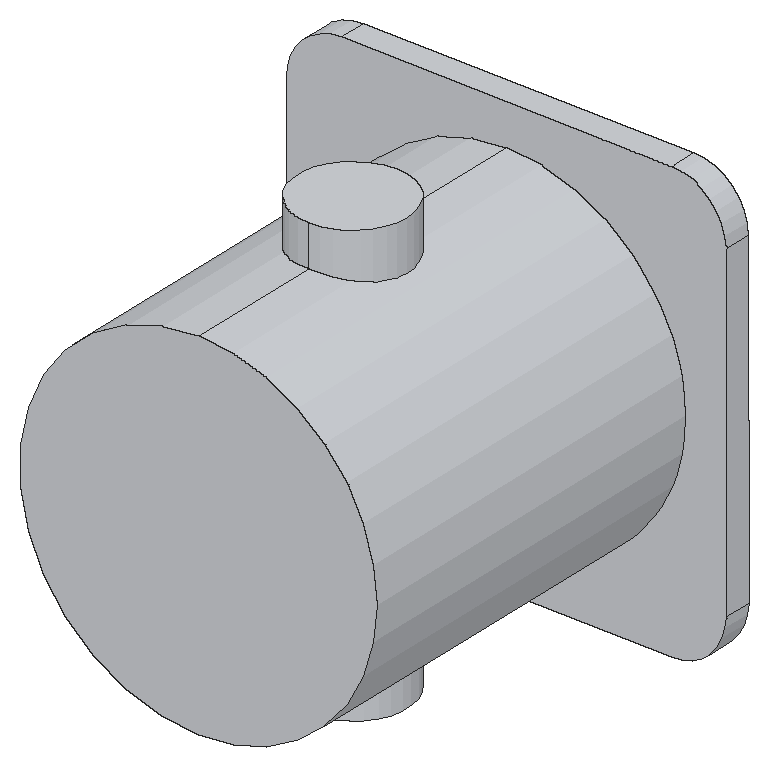
Revit family "DG_Anschluss_V1700", category Datengeräte, Revit 2017
Family settings
  Beschriftungsausrichtung beibehalten = Ja
  Bemaßung runder Anschluss = Durchmesser verwenden
  Teiletyp = Normal
  OmniClass-Nummer = 23.85.50.17
  OmniClass-Titel = Communication and Data Processing Equipment
  Arbeitsebenenbasiert = Nein
  Immer vertikal = Ja
  Beim Laden mit Abzugskörper schneiden = Ja
  Gemeinsam genutzt = Nein
  Raumberechnungspunkt = Nein
Parameters (values of type "Mikrofon_SR")
  pbr_Material_KZ = ""
  pbr_Material = none
  pbr_E_Typ = ""
  pbr_E_KZ = ""
  pbr_DINBild = 0
  pbr_Bild = 0
  pbr_3Dx_Delta_Korrekturversatz [instance] = 0 mm
  pbr_3DX_Versatzfaktor [instance] = 0
  pbr_2DY_Versatzfaktor [instance] = 0
  pbr_2DX_Versatzfaktor [instance] = 0
  lfd_STRK [instance] = 0
  cpiFitMatchKey [instance] = "KK  SAT"
  Winkel [instance] = 90.00°
  Typ [instance] = ""
  Text3 [instance] = ""
  Text2 [instance] = ""
  Text1 [instance] = ""
  Port2 [instance] = ""
  Port1 [instance] = ""
  Planungsbüro Rohling = ""
  Patchfeld [instance] = ""
  Netzart = ""
  Menge(Dosenzahl) [instance] = 0
  Linie/Anschluss [instance] = ""
  Linie [instance] = ""
  Installationsart = ""
  Info [instance] = ""
  Gewerk [instance] = "SR"
  Bus [instance] = ""
  Breite [instance] = 80 mm
  Betriebsstrom ruhe [instance] = 0
  Betriebsstrom max [instance] = 0
  Eckversatz [instance] = 0 mm
  YFrontversatz [instance] = if(pbr_2DY_Versatzfaktor = 300, 0 mm, pbr_2DY_Versatzfaktor * 300 mm)  # 0 mm
  XSeitenversatz [instance] = if(pbr_2DX_Versatzfaktor = 0, 3000 mm, 3000 mm + (pbr_2DX_Versatzfaktor * 300 mm)) + Eckversatz  # 3000 mm
  X3Dversatz [instance] = if([3DX_Versatzkontrolle] = 0, 2000 mm, 2000 mm + ([3DX_Versatzkontrolle] * (300 mm - Breite))) + pbr_3Dx_Delta_Korrekturversatz  # 2000 mm
  Steckdosenradius = 20 mm
  Spannung = 230 V
  R_Leerrohranschluss = 10 mm
  Niveau [instance] = 300 mm
  Lastklassifizierung = Anschlussbuchse
  Dosentiefe = 70 mm  # constant formula
  Dosenradius = 65 mm / 2  # 32.5 mm
  D_Leerrohranschluss = 2 * R_Leerrohranschluss  # 20 mm
  Beameranschluss (VMT) = no
  Anschluss Mikrophon = yes
  Anschluss Lautsprecher (VMT) = no
  Anschluss Lautsprecher = no
  Anschluss Beamer = no
  3DX_Versatzkontrolle [instance] = if(pbr_3DX_Versatzfaktor = 0, (pbr_2DX_Versatzfaktor * -1), (((-1 * pbr_3DX_Versatzfaktor) + pbr_2DX_Versatzfaktor) * -1))  # 0
  Platzierrahmen [instance] = no
Types (7, lengths in mm): name | Gewerk | Beameranschluss (VMT) | Anschluss Mikrophon | Anschluss Lautsprecher (VMT) | Anschluss Lautsprecher | Anschluss Beamer
  Beamer_EDV | "EDV" | no | no | no | no | yes
  Lautsprecher_ELA | "ELA" | no | no | no | yes | no
  Mikrofon_HR | "HR" | no | yes | no | no | no
  Lautsprecher_SPA | "SPA" | no | no | no | yes | no
  Lautsprecher_VMT | "VMT" | no | no | yes | no | no
  Mikrofon_SR | "SR" | no | yes | no | no | no
  Beamer_VMT | "VMT" | yes | no | no | no | no
Reference planes
  plane 1 "Mitte (Vorne/Hinten)": y = 0
  plane 2: z = 0
  plane 3 "Mitte (Links/Rechts)": x = 0
  plane 4: x = -125
  plane 5: x = 125
  plane 6: y = 300
  plane 7 "Schalterhinten": y = 0
  plane 8: x = -3000
  plane 9: x = 0
  plane 10: x = -2000
  plane 11: x = -40
  plane 12: x = 40
  plane 13: z = 340
  plane 14: z = 260
  plane 15 "SchalterVorne": y = 5
  plane 16 "3DSchalterMitte": x = 0
  plane 17 "Achse": z = 300
  plane 18: y = -70
  plane 19: y = -35
  plane 20: z = 320
  plane 21: z = 280
  plane 22 "EDV01": x = -20
  plane 23 "EDV2": x = 20
  plane 24: y = 225
Forms (mm)
  Extrusion 1, solid
    sketch origin (0, 20, 0) x (0, 0, 1) y (-1, 0, 0)
      loop
        line (260, 30) -> (260, -30)
        arc (260, -30) -> (262.929, -37.071) -> (270, -40) r 10
        line (270, -40) -> (330, -40)
        arc (330, -40) -> (337.071, -37.071) -> (340, -30) r 10
        line (340, -30) -> (340, 30)
        arc (340, 30) -> (337.071, 37.071) -> (330, 40) r 10
        line (330, 40) -> (270, 40)
        arc (270, 40) -> (262.929, 37.071) -> (260, 30) r 10
    from 15 to 20
  Sweep 2, solid
    path origin (0, 0, 0) x (0, 0, 1) y (0, -1, 0)
      loop
        line (300, 0) -> (300, 70)
    profile origin (0, -35, 300) x (0, 0, -1) y (1, 0, 0)
      loop
        circle (0, 0) r 32.5
  Sweep 3, solid
    path origin (0, 0, 0) x (0, 0, 1) y (0, -1, 0)
      loop
        line (260, 35) -> (340, 35)
    profile origin (0, -35, 300) x (0, -1, 0) y (1, 0, 0)
      loop
        circle (0, 0) r 10
  Sweep 4, void
    path origin (20, 0, 0) x (0, 0, 1) y (0, -1, 0)
      loop
        line (300, -5) -> (300, 0)
    profile origin (20, 2.5, 300) x (0, 0, -1) y (1, 0, 0)
      loop
        line (10, -10) -> (-10, -10) -> (-10, -30) -> (10, -30) -> (10, -10)
Cuts and joins
  Sweep 4 cuts Extrusion 1
  joined: Extrusion 1, Sweep 2, Sweep 3
Lines and regions (mm)
  model lines, visible <- "Platzierrahmen"
    curve 1: line (-125, 0, 0) -> (125, 0, 0)
    curve 2: line (-125, 300, 0) -> (-125, 0, 0)
    curve 3: line (125, 300, 0) -> (-125, 300, 0)
    curve 4: line (125, 0, 0) -> (125, 300, 0)
Dimensions and locks
  plane 4 to plane 5 = 250 mm
  plane 6 to plane 7 "Schalterhinten" = 300 mm
  equal spacing: plane 4, plane 9, plane 5, locked at 125 each
  "XSeitenversatz": plane 8 to plane 9
  plane 8 to plane 3 "Mitte (Links/Rechts)" = 3000 mm
  "YFrontversatz": plane 1 "Mitte (Vorne/Hinten)" to plane 7 "Schalterhinten"
  plane 12 to plane 11 = 80 mm
  plane 13 to plane 14 = 80 mm
  plane 9 to plane 10 = 2000 mm
  equal spacing: plane 12, plane 16 "3DSchalterMitte", plane 11
  "X3Dversatz": plane 16 "3DSchalterMitte" to plane 10
  equal spacing: plane 13, plane 17 "Achse", plane 14
  "Niveau": plane 17 "Achse" to level
  "Dosentiefe": plane 1 "Mitte (Vorne/Hinten)" to plane 18
  plane 15 "SchalterVorne" to plane 1 "Mitte (Vorne/Hinten)" = 5 mm
  equal spacing: plane 18, plane 19, plane 1 "Mitte (Vorne/Hinten)"
  plane 13 to plane 20 = 20 mm
  plane 21 to plane 14 = 20 mm
  plane 22 "EDV01" to plane 11 = 20 mm
  plane 12 to plane 23 "EDV2" = 20 mm
  plane 24 to plane 7 "Schalterhinten" = 225 mm
  "Breite": cut or joined group of Extrusion 1, Sweep 2, Sweep 3, Sweep 4 to cut or joined group of Extrusion 1, Sweep 2, Sweep 3, Sweep 4
  "Dosenradius": radius of Sweep 2 sketch curve
  "R_Leerrohranschluss": radius of Sweep 3 sketch curve
  aligned and locked: level to plane 2
  aligned and locked: curve 1 to plane 7 "Schalterhinten"
  aligned and locked: curve 2 to plane 4
  aligned and locked: plane 6 to curve 3
  aligned and locked: plane 5 to curve 4
  aligned and locked: plane 14 to Extrusion 1 sketch curve
  aligned and locked: plane 11 to Extrusion 1 sketch curve
  aligned and locked: Extrusion 1 sketch curve to plane 13
  aligned and locked: Extrusion 1 sketch curve to plane 12
  aligned and locked: plane 1 "Mitte (Vorne/Hinten)" to Extrusion 1
  aligned and locked: Extrusion 1 to plane 15 "SchalterVorne"
  aligned and locked: nested 1 to plane 7 "Schalterhinten"
  aligned and locked: nested 1 to plane 9
  aligned and locked: nested 4 to plane 9
  aligned and locked: nested 4 to plane 7 "Schalterhinten"
  aligned and locked: nested 5 to plane 9
  aligned and locked: nested 5 to plane 7 "Schalterhinten"
  aligned and locked: plane 3 "Mitte (Links/Rechts)" to nested 3
  aligned and locked: plane 1 "Mitte (Vorne/Hinten)" to nested 3
Automatic sketch dimensions
  Sweep 3 sketch curve to plane 14 = 0 mm
  plane 13 to Sweep 3 sketch curve = 0 mm
  Sweep 3 sketch curve to plane 19 = 0 mm
  Sweep 3 sketch curve to plane 16 "3DSchalterMitte" = 0 mm
  Sweep 3 sketch curve to profile plane = 0 mm
  plane 14 to Extrusion 1 sketch curve = 10 mm
  Extrusion 1 sketch curve to Extrusion 1 sketch curve = 10 mm  (x2)
  plane 13 to Extrusion 1 sketch curve = 10 mm
  Sweep 2 sketch curve to plane 17 "Achse" = 0 mm
  Sweep 2 sketch curve to plane 1 "Mitte (Vorne/Hinten)" = 0 mm
  Sweep 2 sketch curve to plane 18 = 0 mm
  plane 16 "3DSchalterMitte" to Sweep 2 sketch curve = 0 mm
  Sweep 2 sketch curve to profile plane = 0 mm
  Sweep 4 sketch curve to plane 1 "Mitte (Vorne/Hinten)" = 0 mm
  Sweep 4 sketch curve to plane 17 "Achse" = 0 mm
  Sweep 4 sketch curve to plane 15 "SchalterVorne" = 0 mm
  profile plane to Sweep 4 sketch curve = 10 mm
  Sweep 4 sketch curve to profile plane = 10 mm
  Sweep 4 sketch curve to plane 23 "EDV2" = 30 mm
  Sweep 4 sketch curve to plane 23 "EDV2" = 10 mm
Nested families
  nested 1: "Anschluss Beamer" at (0, 0, 0), visible <- "Anschluss Beamer", Winkel <- "Winkel", type "Anschluss Beamer"
  nested 2: "Anschluss Lautsprecher" at (0, 0, 0), visible <- "Anschluss Lautsprecher", type "Anschluss Lautsprecher"
  nested 3: "Anschluss Mikrophon" at (0, 0, 0), visible <- "Anschluss Mikrophon", type "Anschluss Mikrophon"
  nested 4: "Beameranschluss (VMT)" at (0, 0, 0), visible <- "Beameranschluss (VMT)", Winkel <- "Winkel", type "Beameranschluss (VMT)"
  nested 5: "Anschluss Lautsprecher (VMT)" at (0, 0, 0), visible <- "Anschluss Lautsprecher (VMT)", type "Anschluss Lautsprecher (VMT)"
Connectors
  electrical at (0, -35, 340), driven by "Spannung"
    settings: on cut or joined group of Extrusion 1, Sweep 2, Sweep 3, Sweep 4, index 1, voltage 230 V, apparent load 0 VA, apparent load phase1 0 VA, apparent load phase2 0 VA, apparent load phase3 0 VA, power factor 1, load classification "Elektro", number of poles 1, system type 5, power factor state 1, is connector primary yes, connector utility no, sub classification motor no, connector description ""
  cabletrayconduit at (0, -35, 340), diameter 20, driven by "D_Leerrohranschluss"
    settings: on cut or joined group of Extrusion 1, Sweep 2, Sweep 3, Sweep 4, index 2, connector width 300 mm, connector height 300 mm, connector angle 0.00°, system type 32, placement type 0, profile type 0, connector reference index -1, is primary connector yes, connector utility param no, connector description ""
  cabletrayconduit at (0, -35, 260), diameter 20, driven by "D_Leerrohranschluss"
    settings: on cut or joined group of Extrusion 1, Sweep 2, Sweep 3, Sweep 4, index 3, connector width 300 mm, connector height 300 mm, connector angle 0.00°, system type 32, placement type 0, profile type 0, connector reference index -1, is primary connector no, connector utility param no, connector description ""
Definition of nested family "Anschluss Beamer"
  Parameters (values of type "Anschluss Beamer")
    Winkel [instance] = 90.00°
    V = yes
    G = yes
    A = yes
  Reference planes
    plane 1 "Mitte (Vorne/Hinten)": y = 0
    plane 2: z = 0
    plane 3 "Mitte (Links/Rechts)": x = 0
  Lines and regions (mm)
    Filled region 1, type "Beton", in view "Referenzebene", visible <- "A"
      outline origin (2177.438, -912.226, 0) x (1, 0, 0) y (0, 1, 0)
        loop
          line (-2102.291, 942.626) -> (-2077.464, 942.626) -> (-2057.901, 996.376) -> (-1983.637, 996.376) -> (-1962.821, 942.626) -> (-1936.216, 942.626) -> (-2008.949, 1120.011) -> (-2033.949, 1120.011) -> (-2102.291, 942.626)
        loop
          line (-2051.01, 1015.307) -> (-1990.968, 1015.307) -> (-2022.201, 1101.118) -> (-2051.01, 1015.307)
    Filled region 2, type "Beton", in view "Referenzebene", visible <- "V"
      outline origin (-1579.613, -912.226, 0) x (1, 0, 0) y (0, 1, 0)
        loop
          line (1430.799, 942.626) -> (1500.404, 1120.011) -> (1476.547, 1120.011) -> (1419.022, 961.964) -> (1363.416, 1120.011) -> (1338.053, 1120.011) -> (1406.767, 942.626) -> (1430.799, 942.626)
    Filled region 3, type "Beton", in view "Referenzebene", visible <- "G"
      outline origin (1007.414, -909.073, 0) x (1, 0, 0) y (0, 1, 0)
        loop
          spline (-955.424, 978.799) -> (-983.768, 964.386) -> (-1011.587, 960.95) -> (-1039.493, 968.227) -> (-1059.93, 985.572) -> (-1070.436, 1011.874) -> (-1071.916, 1039.341) -> (-1065.68, 1066.833) -> (-1049.749, 1089.513) -> (-1024.185, 1101.537) -> (-996.623, 1102.185) -> (-970.822, 1091.227) -> (-956.079, 1064.679)
          line (-956.079, 1064.679) -> (-934.89, 1070.48)
          spline (-934.89, 1070.48) -> (-955.29, 1106.617) -> (-990.907, 1121.831) -> (-1029.23, 1121.084) -> (-1063.548, 1106.282) -> (-1087.048, 1075.578) -> (-1096.062, 1039.021) -> (-1091.808, 999.173) -> (-1074.305, 966.833) -> (-1040.24, 945.218) -> (-1004.002, 939.667) -> (-966.67, 947.108) -> (-932.414, 967.321)
          line (-932.414, 967.321) -> (-932.414, 1033.057) -> (-1007.414, 1033.057) -> (-1007.414, 1012.153) -> (-955.424, 1012.153) -> (-955.424, 978.799)
    detail lines, in view "Referenzebene"
      curve 1: line (-245.969, 230.4, 0) -> (244.431, 230.4, 0)
      curve 2: line (244.431, 230.4, 0) -> (244.431, 0, 0)
      curve 3: line (244.431, 0, 0) -> (-245.969, 0, 0)
      curve 4: line (-245.969, 0, 0) -> (-245.969, 230.4, 0)
Definition of nested family "Anschluss Lautsprecher"
  Parameters (values of type "Anschluss Lautsprecher")
    L = yes
  Reference planes
    plane 1 "Mitte (Vorne/Hinten)": y = 0
    plane 2: z = 0
    plane 3 "Mitte (Links/Rechts)": x = 0
  Lines and regions (mm)
    Filled region 1, type "Beton", in view "Referenzebene", visible <- "L"
      outline origin (329.533, -1019.332, 0) x (1, 0, 0) y (0, 1, 0)
        loop
          line (-348.774, 1120.011) -> (-372.184, 1120.011) -> (-372.184, 942.626) -> (-261.45, 942.626) -> (-261.45, 963.596) -> (-348.774, 963.596) -> (-348.774, 1120.011)
    detail lines, in view "Referenzebene"
      curve 1: line (108, 15.217, 0) -> (108, 133.294, 0)
      curve 2: line (108, 133.294, 0) -> (-108, 133.294, 0)
      curve 3: line (-108, 133.294, 0) -> (-108, 15.217, 0)
      curve 4: line (0, 133.294, 0) -> (0, 314.038, 0)
Definition of nested family "Anschluss Mikrophon"
  Parameters (values of type "Anschluss Mikrophon")
    M = yes
  Reference planes
    plane 1 "Mitte (Vorne/Hinten)": y = 0
    plane 2: z = 0
    plane 3 "Mitte (Links/Rechts)": x = 0
  Lines and regions (mm)
    Filled region 1, type "Beton", in view "Referenzebene", visible <- "M"
      outline origin (149.765, -1004.332, 0) x (1, 0, 0) y (0, 1, 0)
        loop
          line (-213.693, 942.626) -> (-213.693, 1096.081) -> (-162.227, 942.626) -> (-140.741, 942.626) -> (-89.682, 1090.913) -> (-89.682, 942.626) -> (-66.978, 942.626) -> (-66.978, 1120.011) -> (-98.249, 1120.011) -> (-150.482, 968.315) -> (-201.357, 1120.011) -> (-236.357, 1120.011) -> (-236.357, 942.626) -> (-213.693, 942.626)
    detail lines, in view "Referenzebene"
      curve 1: line (108, 15.217, 0) -> (108, 133.294, 0)
      curve 2: line (108, 133.294, 0) -> (-108, 133.294, 0)
      curve 3: line (-108, 133.294, 0) -> (-108, 15.217, 0)
      curve 4: line (0, 133.294, 0) -> (0, 314.038, 0)
Definition of nested family "Beameranschluss (VMT)"
  Parameters (values of type "Beameranschluss (VMT)")
    Winkel [instance] = 90.00°
  Reference planes
    plane 1 "Mitte (Vorne/Hinten)": y = 0
    plane 2: z = 0
    plane 3 "Mitte (Links/Rechts)": x = 0
  Lines and regions (mm)
    Filled region 1, type "Flächenfüllung Schwarz", in view "Referenzebene"
      outline origin (0, 0, 0) x (1, 0, 0) y (0, 1, 0)
        loop
          line (-36.502, 197.436) -> (-36.502, 143.876) -> (10.779, 143.876)
          spline (10.779, 143.876) -> (25.4, 146.284) -> (32.149, 149.474) -> (37.719, 154.72) -> (41.275, 162.128) -> (42.35, 170.257) -> (41.508, 177.916) -> (38.389, 185.452) -> (33.664, 190.909) -> (26.632, 194.844) -> (19.572, 196.4) -> (11.016, 197.195) -> (-5.189, 197.436)
          line (-5.189, 197.436) -> (-36.502, 197.436)
        loop
          line (-36.451, 122.973) -> (-36.451, 61.976) -> (5.05, 61.976)
          spline (5.05, 61.976) -> (23.825, 62.767) -> (33.38, 65.645) -> (40.778, 70.265) -> (46.139, 77.347) -> (49.328, 86.595) -> (49.584, 95.827) -> (47.3, 104.915) -> (42.17, 112.726) -> (35.219, 118.02) -> (25.52, 121.308) -> (16.754, 122.504) -> (5.05, 122.973)
          line (5.05, 122.973) -> (-36.451, 122.973)
        loop
          line (-59.95, 218.378) -> (-59.95, 40.993) -> (5.05, 40.993)
          spline (5.05, 40.993) -> (25.065, 41.971) -> (35.489, 43.803) -> (46.211, 47.31) -> (57.307, 54.011) -> (64.889, 62.448) -> (69.973, 71.993) -> (73.277, 83.238) -> (73.821, 96.725) -> (71.891, 106.739) -> (66.585, 117.657) -> (59.192, 125.844) -> (45.587, 133.612)
          line (45.587, 133.612) -> (40.611, 135.423)
          spline (40.611, 135.423) -> (55.58, 146.624) -> (60.464, 153.71) -> (64.021, 162.492) -> (65.398, 172.108) -> (64.676, 181.049) -> (61.318, 191.003) -> (56.775, 199.125) -> (51.011, 205.588) -> (43.184, 211.102) -> (34.101, 215.009) -> (23.973, 217.252) -> (5.05, 218.378)
          line (5.05, 218.378) -> (-59.95, 218.378)
    detail lines, in view "Referenzebene"
      curve 1: line (-134.11, 269.507, 0) -> (136.035, 269.507, 0)
      curve 2: line (136.035, 269.507, 0) -> (136.035, 0, 0)
      curve 3: line (136.035, 0, 0) -> (-134.11, 0, 0)
      curve 4: line (-134.11, 0, 0) -> (-134.11, 269.507, 0)
Definition of nested family "Anschluss Lautsprecher (VMT)"
  Parameters (values of type "Anschluss Lautsprecher (VMT)")
    L = yes
  Reference planes
    plane 1 "Mitte (Vorne/Hinten)": y = 0
    plane 2: z = 0
    plane 3 "Mitte (Links/Rechts)": x = 0
  Lines and regions (mm)
    Filled region 1, type "Beton", in view "Referenzebene", visible <- "L"
      outline origin (-329.533, 1333.371, 0) x (-1, 0, 0) y (0, -1, 0)
        loop
          line (-348.774, 1120.011) -> (-372.184, 1120.011) -> (-372.184, 942.626) -> (-261.45, 942.626) -> (-261.45, 963.596) -> (-348.774, 963.596) -> (-348.774, 1120.011)
    detail lines, in view "Referenzebene"
      curve 1: line (-108, 298.821, 0) -> (-108, 180.745, 0)
      curve 2: line (-108, 180.745, 0) -> (108, 180.745, 0)
      curve 3: line (108, 180.745, 0) -> (108, 298.821, 0)
      curve 4: line (0, 180.745, 0) -> (0, 0, 0)
